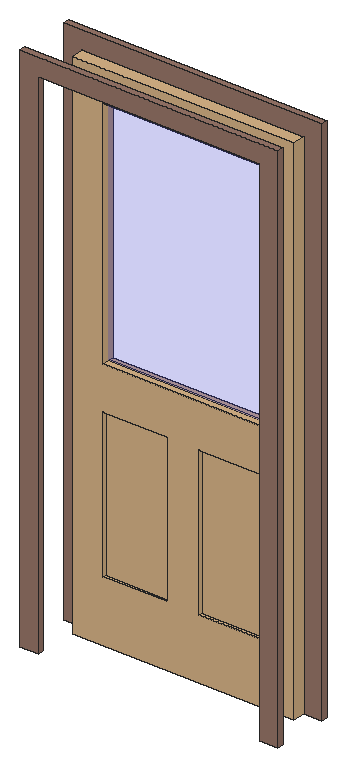
Revit family
Parameters (values of type "0914 x 2134mm")
  Thickness = 51 mm
  Height = 2134 mm
  Rail Width-Base = 254 mm
  Rail Width-Center = 178 mm
  Rail Width-Top = 127 mm
  Stile = 127 mm
  Top Panel = 965 mm
  Trim Projection = 25 mm
  Trim Width = 75 mm
  Wall Closure = (empty or 0)
  Width = 914 mm
  Frame Material = Door - Frame
  Door Material = Door - Panel
Types (7, lengths in mm): name | Height | Width
  0762 x 2032mm | 2032 | 762
  0762 x 2134mm | 2134 | 762
  0813 x 2134mm | 2032 | 813
  0864 x 2134mm | 2134 | 864
  0914 x 2032mm | 2032 | 914
  0914 x 2134mm | 2134 | 914
  0864 x 2032mm | 2032 | 864
Reference planes
  plane 1: y = 0
  plane 2 "Center (Left/Right)": x = 0
  plane 3: x = -457
  plane 4 "Right": x = 457
  plane 5: z = 2134
  plane 6: z = 2007
  plane 7: z = 254
  plane 8: z = 1042
  plane 9: z = 864
  plane 10: x = 330
  plane 11: x = -330
  plane 12: x = 64
  plane 13: x = -64
  plane 14: z = 1931
  plane 15: z = 1118
  plane 16: x = 254
  plane 17: x = -254
  plane 18: x = 159
  plane 19: x = -159
  plane 20: z = 1524.5
Forms (mm)
  Extrusion 1, solid, material "Door - Frame" <- "Frame Material"
    sketch origin (-3050, -100, 0) x (1, 0, 0) y (0, 0, 1)
      loop
        line (2518, 0) -> (2593, 0) -> (2593, 2134) -> (3507, 2134) -> (3507, 0) -> (3582, 0) -> (3582, 2209) -> (2518, 2209) -> (2518, 0)
    from 0 to 25
  Extrusion 2, solid, material "Door - Panel" <- "Door Material"
    sketch origin (-3048.667, 100, 0) x (-1, 0, 0) y (0, 0, 1)
      loop
        line (-3507, 2134) -> (-3507, 0) -> (-2593, 0) -> (-2593, 2134) -> (-3507, 2134)
      loop
        line (-3380, 2007) -> (-3380, 1042) -> (-2720, 1042) -> (-2720, 2007) -> (-3380, 2007)
      loop
        line (-3380, 864) -> (-3380, 254) -> (-3116.23, 254) -> (-3116.23, 864) -> (-3380, 864)
      loop
        line (-2986, 864) -> (-2986, 254) -> (-2720, 254) -> (-2720, 864) -> (-2986, 864)
    from 0 to -51
  Extrusion 3, solid, material "Glass"
    sketch origin (-3048.667, 100, 0) x (-1, 0, 0) y (0, 0, 1)
      loop
        line (-3378.667, 2007) -> (-3378.667, 1042) -> (-2718.667, 1042) -> (-2718.667, 2007) -> (-3378.667, 2007)
    from -22 to -28
  Extrusion 4, solid, material "Door - Panel" <- "Door Material"
    sketch origin (-3048.667, 100, 0) x (-1, 0, 0) y (0, 0, 1)
      loop
        line (-3378.667, 864) -> (-3378.667, 254) -> (-3114.896, 254) -> (-3114.896, 864) -> (-3378.667, 864)
      loop
        line (-2984.667, 864) -> (-2984.667, 254) -> (-2718.667, 254) -> (-2718.667, 864) -> (-2984.667, 864)
    from -13 to -39
  Extrusion 5, solid, material "Door - Frame" <- "Frame Material"
    sketch origin (-5000, 100, 0) x (-1, 0, 0) y (0, 0, 1)
      loop
        line (-5532, 2209) -> (-5532, 0) -> (-5457, 0) -> (-5457, 2134) -> (-4543, 2134) -> (-4543, 0) -> (-4468, 0) -> (-4468, 2209) -> (-5532, 2209)
    from 0 to 25
Lines and regions (mm)
  Opening 1
    outline origin (-3050, -100, 0) x (1, 0, 0) y (0, 0, 1)
      loop
        line (2593, 0) -> (3507, 0) -> (3507, 2134) -> (2593, 2134) -> (2593, 0)
  symbolic lines, style "DoorsPanelProjection"
    curve 1: line (457, 100, 0) -> (406, 100, 0)
    curve 2: line (457, 100, 0) -> (457, 1014, 0)
    curve 3: line (457, 1014, 0) -> (406, 1014, 0)
    curve 4: line (406, 100, 0) -> (406, 1014, 0)
  symbolic lines, style "Plan Swing"
    curve 5: arc (457, 1014, 0) -> (-189.296, 746.296, 0) -> (-457, 100, 0) r 914
  model lines
    curve 6: line (330, 78, 1931) -> (-330, 78, 1931)
    curve 7: line (330, 78, 1118) -> (-330, 78, 1118)
    curve 8: line (254, 78, 2007) -> (254, 78, 1042)
    curve 9: line (-254, 78, 2007) -> (-254, 78, 1042)
    curve 10: arc (-159, 78, 1524.5) -> (-116.396, 78, 1683.5) -> (0, 78, 1799.896) r 318
    curve 11: arc (-159, 78, 1524.5) -> (-116.396, 78, 1365.5) -> (0, 78, 1249.104) r 318
    curve 12: arc (159, 78, 1524.5) -> (116.396, 78, 1683.5) -> (0, 78, 1799.896) r 318
    curve 13: arc (159, 78, 1524.5) -> (116.396, 78, 1365.5) -> (0, 78, 1249.104) r 318
    curve 14: line (0, 78, 1799.896) -> (0, 78, 1931)
    curve 15: line (-159, 78, 1524.5) -> (-254, 78, 1524.5)
    curve 16: line (159, 78, 1524.5) -> (254, 78, 1524.5)
    curve 17: line (0, 78, 1249.104) -> (0, 78, 1118)
  symbolic lines, style "Elevation Swing"
    curve 18: line (-457, 0, 2134) -> (457, 0, 1067)
    curve 19: line (457, 0, 1067) -> (-455.667, 0, 0)
Text (mm)
  text "Exterior" at (-1785.494, 1099.543, 0), in view "Floor Line"
  text "Exterior" at (0, 1340.728, 2466.372), in view "Left"
  text "Exterior" at (0, -1724.616, 4274.932), in view "Right"
Dimensions and locks
  equal spacing: plane 3, plane 2 "Center (Left/Right)", plane 4 "Right"
  "Width": plane 3 to plane 4 "Right"
  locked: plane 1 to host wall
  "Trim Width": Extrusion 1 sketch curve to plane 3
  "Trim Width": plane 5 to Extrusion 1 sketch curve
  "Trim Width": plane 4 "Right" to Extrusion 1 sketch curve
  "Height": plane 5 to host wall
  "Width": curve 3 to host wall
  "Thickness": curve 2 to curve 4
  "Trim Projection": Extrusion 1 to host wall
  "Rail Width-Base": host wall to plane 7
  "Rail Width-Center": plane 9 to plane 8
  "Rail Width-Top": plane 6 to plane 5
  "Top Panel": plane 8 to plane 6
  "Stile": plane 10 to plane 4 "Right"
  "Stile": plane 11 to plane 3
  locked: plane 12 to plane 13 at 128
  equal spacing: plane 12, plane 2 "Center (Left/Right)", plane 13
  equal spacing: plane 16, plane 18, plane 12
  equal spacing: plane 13, plane 19, plane 17
  equal spacing: plane 8, plane 20, plane 6
  locked: plane 10 to plane 16 at 76
  locked: plane 17 to plane 11 at 76
  locked: plane 14 to plane 6 at 76
  locked: plane 8 to plane 15 at 76
  "Thickness": Extrusion 2 to host wall
  "Trim Width": Extrusion 5 sketch curve to Extrusion 5 sketch curve
  "Trim Width": plane 3 to Extrusion 5 sketch curve
  "Trim Width": Extrusion 5 sketch curve to plane 5
  "Trim Projection": Extrusion 5 to host wall
  locked: Extrusion 2 to Extrusion 4 at 12
  locked: host wall to Extrusion 4 at 13
  equal spacing: level, curve 19, plane 5
  aligned and locked: plane 3 to Opening 1 sketch curve
  aligned and locked: plane 5 to Opening 1 sketch curve  (x2)
  aligned and locked: Opening 1 sketch curve to plane 4 "Right"
  aligned and locked: Opening 1 sketch curve to level
  aligned and locked: level to Extrusion 1 sketch curve
  aligned and locked: plane 5 to Extrusion 1 sketch curve  (x2)
  aligned and locked: Extrusion 1 sketch curve to plane 4 "Right"
  aligned and locked: plane 3 to Extrusion 1 sketch curve
  aligned and locked: plane 14 to curve 6
  aligned and locked: plane 15 to curve 7
  aligned and locked: plane 16 to curve 8
  aligned and locked: plane 17 to curve 9
  aligned and locked: curve 6 to curve 14
  aligned and locked: curve 14 to plane 2 "Center (Left/Right)"
  aligned and locked: plane 19 to curve 15
  aligned and locked: curve 9 to curve 15
  aligned and locked: plane 20 to curve 15
  aligned and locked: plane 18 to curve 16
  aligned and locked: curve 8 to curve 16
  aligned and locked: curve 7 to curve 17
  aligned and locked: plane 2 "Center (Left/Right)" to curve 17
  aligned and locked: host wall to Extrusion 2
Automatic sketch dimensions
  Extrusion 1 sketch curve to level = 0 mm
  curve 5 to plane 3 = 0 mm
  curve 1 to plane 4 "Right" = 0 mm
  curve 4 to curve 5 = 0 mm
  Extrusion 5 sketch curve to level = 0 mm  (x2)
  Extrusion 5 sketch curve to plane 4 "Right" = 0 mm
  Extrusion 5 sketch curve to plane 3 = 0 mm
  Extrusion 5 sketch curve to plane 5 = 0 mm
  Extrusion 4 sketch curve to plane 7 = 0 mm  (x2)
  Extrusion 4 sketch curve to plane 10 = 0 mm
  Extrusion 4 sketch curve to plane 9 = 0 mm  (x2)
  Extrusion 4 sketch curve to plane 13 = 0 mm
  Extrusion 4 sketch curve to plane 11 = 0 mm
  plane 12 to Extrusion 4 sketch curve = 2.23 mm
  Extrusion 2 sketch curve to plane 4 "Right" = 1.333 mm
  Extrusion 2 sketch curve to plane 9 = 0 mm  (x2)
  plane 10 to Extrusion 2 sketch curve = 1.333 mm  (x2)
  Extrusion 2 sketch curve to plane 6 = 0 mm
  Extrusion 2 sketch curve to plane 7 = 0 mm  (x2)
  plane 13 to Extrusion 2 sketch curve = 1.333 mm
  plane 11 to Extrusion 2 sketch curve = 1.333 mm  (x2)
  Extrusion 2 sketch curve to plane 3 = 1.333 mm
  plane 12 to Extrusion 2 sketch curve = 3.563 mm
  Extrusion 2 sketch curve to level = 0 mm
  Extrusion 2 sketch curve to plane 8 = 0 mm
  Extrusion 2 sketch curve to plane 5 = 0 mm
  Extrusion 3 sketch curve to plane 8 = 0 mm
  Extrusion 3 sketch curve to plane 10 = 0 mm
  Extrusion 3 sketch curve to plane 11 = 0 mm
  Extrusion 3 sketch curve to plane 6 = 0 mm
  curve 18 to plane 3 = 0 mm
  curve 18 to plane 5 = 0 mm
  curve 8 to plane 6 = 0 mm
  curve 9 to plane 6 = 0 mm
  curve 16 to plane 20 = 0 mm
  curve 19 to plane 4 "Right" = 0 mm
  curve 8 to plane 8 = 0 mm
  curve 9 to plane 8 = 0 mm
  curve 19 to level = 0 mm
  curve 7 to plane 11 = 0 mm
  curve 6 to plane 11 = 0 mm
  curve 12 to plane 19 = 0 mm
  curve 13 to plane 19 = 0 mm
  curve 6 to plane 10 = 0 mm
  curve 7 to plane 10 = 0 mm
  curve 19 to plane 3 = 1.333 mm
